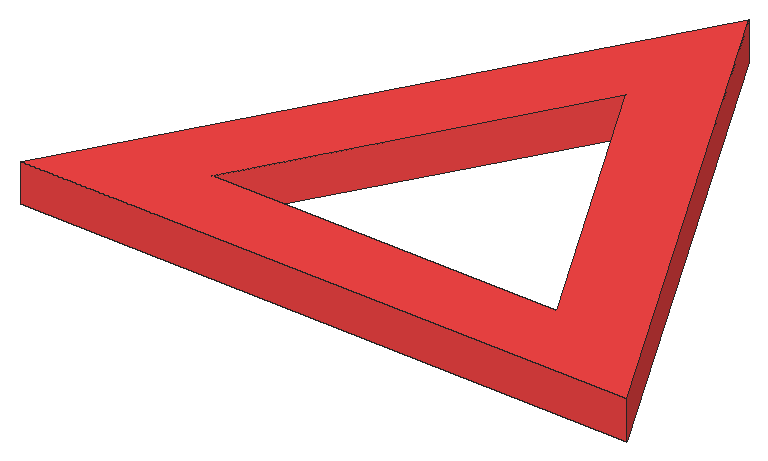
Revit family "PEM", category Electrical Equipment, Revit 2025
Family settings
  Panel Configuration = Two Columns, Circuits Across
  Round Connector Dimension = Use Diameter
  Part Type = Panelboard
  OmniClass Number = 23.80.30.11.17
  OmniClass Title = Distribution Boards and Control Panels
  Work Plane-Based = No
  Always vertical = Yes
  Cut with Voids When Loaded = No
  Maintain Annotation Orientation = No
  Shared = No
  Room Calculation Point = No
Parameters
  Zone_Length [instance] = 3' - 0"
  Subsystem [instance] = ""
  built-in parameter 1140142 [instance] = -1
  Seq_Number [instance] = 0
  Segment [instance] = ""
  PEM_Offset [instance] = if(Zone_Length = 3' 0", 1' 0", if(Zone_Length = 2' 0", 0' 8", 0' 8"))  # 1' - 0"
  MCP [instance] = ""
  built-in parameter 1140140 [instance] = 1 (stored number, unit not read)
  IO_Block_Number [instance] = ""
  built-in parameter 1155100 [instance] = -1
  Detail = "PEM"
  Default Elevation = 0' - 0"
  Conveyor_Number [instance] = ""
  Conveyor_Elevation_In [instance] = 2' - 6"
  Clearout_Length [instance] = 0' - 0"
Reference planes (in)
  plane 1 "Center (Front/Back)": y = 0
  plane 2: z = 0
  plane 3 "Center (Left/Right)": x = 0
  plane 4: y = 1.75
  plane 5: y = -1.75
  plane 6: x = 2
  plane 7: x = -2
  plane 8 "Top_of_Roller": z = 30
  plane 9: z = 30.25
Forms (in)
  Extrusion 1, solid, material "PEM"
    sketch origin (0, 0, 0) x (1, 0, 0) y (0, 1, 0)
      loop
        line (-2, -1.75) -> (2, -1.75) -> (0, 1.75) -> (-2, -1.75)
      loop
        line (-1.13841, -1.25) -> (1.13841, -1.25) -> (0, 0.74222) -> (-1.13841, -1.25)
    from 30.25 to 30
Dimensions and locks (in)
  equal spacing: plane 4, plane 1 "Center (Front/Back)", plane 5
  equal spacing: plane 7, plane 3 "Center (Left/Right)", plane 6
  locked: plane 7 to plane 6 at 4
  locked: plane 4 to plane 5 at 3.5
  locked: plane 9 to plane 8 "Top_of_Roller" at 0.25
  "Conveyor_Elevation_In": plane 8 "Top_of_Roller" to level
  aligned and locked: level to plane 2
  aligned and locked: plane 8 "Top_of_Roller" to Extrusion 1
  aligned and locked: plane 9 to Extrusion 1
Automatic sketch dimensions
  Extrusion 1 sketch curve to plane 7 = 0' - 0"
  Extrusion 1 sketch curve to plane 5 = 0' - 0"
  Extrusion 1 sketch curve to plane 3 "Center (Left/Right)" = 0' - 0"  (x2)
  Extrusion 1 sketch curve to plane 6 = 0' - 0"
  Extrusion 1 sketch curve to plane 4 = 0' - 0"
  plane 5 to Extrusion 1 sketch curve = 0' - 0 1/2"
  plane 7 to Extrusion 1 sketch curve = 0' - 0.86159"
  Extrusion 1 sketch curve to plane 4 = 0' - 1.00778"
  Extrusion 1 sketch curve to plane 6 = 0' - 0.86159"
